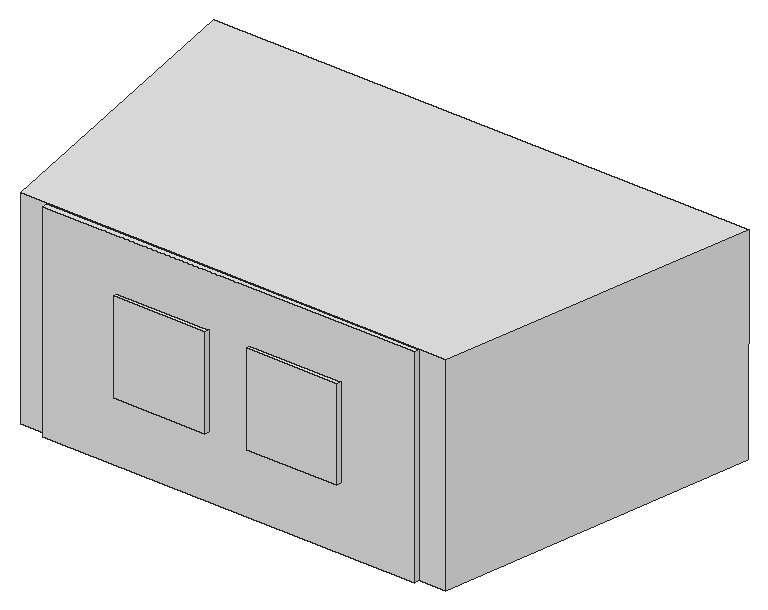
Revit family "Electrical-Teknion-NBAA_Banqs_Sofa_Undermounted_Power-R2019", category Furniture, Revit 2019
Family settings
  OmniClass Number = 23.40.20.00
  OmniClass Title = General Furniture and Specialties
  Work Plane-Based = No
  Always vertical = Yes
  Cut with Voids When Loaded = No
  Shared = Yes
  Room Calculation Point = No
Parameters (values of type "White Finishes")
  Warranty = "http://www.teknion.com/ca/papers/legal-canada"
  Unit Weight URL = "http://www.teknion.com/ca/tools/assets#&asset=bee6a381-b954-425e-8283-5a2de3a804f2,f828d448-4b62-4231-9e5f-9a8991c0ed77"
  URL = "www.teknion.com"
  To render please download texture images found here [instance] = "https://assets.teknion.com/web/5e81352c1dfdb467/revit-material-swatches/"
  Sustainability Data = "https://www.teknion.com/ca/tools/assets#&topic=216f99a5-57a0-44fc-b10a-9dee9b29ae4c&asset=444deb64-fe58-4b68-981e-f75e97781df7,b4ff2d81-9f2e-437d-9659-7cffb09c31cf"
  Series = "Soft Seating"  # constant formula
  Product Page URL = "https://www.teknion.com/ca/products/product-details?productlineid=2c7ddb6e-8e7a-673b-a6c8-ff05004460c4"
  Product Line = "Banqs"  # constant formula
  Product Documentation Link = "https://www.teknion.com/pricing/seating/pdfs/Banqs_ppg.pdf"
  Part Number = "NBAA"  # constant formula
  Model = "NBAAW"
  Manufacturer Phone = "416-661-3370"  # constant formula
  Manufacturer Fax = "416.661.4586"  # constant formula
  Manufacturer Contact Information = "http://www.teknion.com/ca/contactus"
  Manufacturer Address = "1150 Flint Road, Toronto, ON. M3J 2J5. Canada"  # constant formula
  Manufacturer = "Teknion"  # constant formula
  How To Use Teknion Materials User Guide [instance] = "https://assets.teknion.com/m/205dd0a49fa58060/original/How-to-add-a-Material-Library-and-Texture-Images-to-your-Revit-project.pdf"
  For Additional Finishes please visit [instance] = "https://assets.teknion.com/m/44a8009b046e5d47/original/Teknion_Materials_Library.zip"
  Electrical Finishes = Plastic - Teknion - White
  Description = "Sofa Undermounted Power, 1 Power, 1 USB-A and 1 USB-C White"
  Assembly Code = "E2020200"
Types (3): name | Model | Electrical Finishes | Description
  (no name) | "NBAAW" | Plastic - Teknion - White | "Sofa Undermounted Power, 1 Power, 1 USB-A and 1 USB-C White"
  White Finishes | "NBAAW" | Plastic - Teknion - White | "Sofa Undermounted Power, 1 Power, 1 USB-A and 1 USB-C White"
  Black Finishes | "NBAAB" | Plastic - Teknion - E - Ebony | "Sofa Undermounted Power, 1 Power, 1 USB-A and 1 USB-C Black"
Reference planes (in)
  plane 1 "Center Front/Back": y = 0
  plane 2: z = 0
  plane 3 "Center Left/Right": x = 0
  plane 4 "Left": x = -3.23927
  plane 5 "Right": x = 3.23927
  plane 6 "Back": y = 2.10086
  plane 7 "Front": y = -1.76214
  plane 8 "Top": z = 63
  plane 9: x = 0
  plane 10: x = -1.35
  plane 11: x = -0.25
  plane 12: x = 0.25
  plane 13: x = 1.35
  plane 14: y = -1.71214
  plane 15: y = -1.76214
  plane 16: y = -1.64914
  plane 17: y = -1.71214
  plane 18: x = 2.25
  plane 19: x = -2.25
Forms (in)
  Extrusion 1, solid, material "Plastic - Teknion - White" <- "Electrical Finishes"
    sketch origin (26.51093, 23.26551, 0) x (-1, 0, 0) y (0, -1, 0)
      loop
        line (29.08897, 24.91465) -> (23.93289, 24.91465) -> (23.27166, 21.16465) -> (29.7502, 21.16465) -> (29.08897, 24.91465)
    from 0 to 2.5
  Extrusion 2, solid, material "Plastic - Teknion - White" <- "Electrical Finishes"
    sketch origin (26.51093, 23.26551, 0) x (1, 0, 0) y (0, 1, 0)
      loop
        line (-24.26093, -24.91465) -> (-28.76093, -24.91465) -> (-28.76093, -24.97765) -> (-24.26093, -24.97765) -> (-24.26093, -24.91465)
    from 0 to 2.5
  Extrusion 3, solid, material "Plastic - Teknion - White" <- "Electrical Finishes"
    sketch origin (26.51093, 23.26551, 0) x (-1, 0, 0) y (0, -1, 0)
      loop
        line (25.16093, 25.02765) -> (25.16093, 24.97765) -> (26.26093, 24.97765) -> (26.26093, 25.02765) -> (25.16093, 25.02765)
      loop
        line (26.76093, 24.97765) -> (27.86093, 24.97765) -> (27.86093, 25.02765) -> (26.76093, 25.02765) -> (26.76093, 24.97765)
    from 0.7605 to 1.86261
Lines and regions (in)
  Masking region 1
    outline origin (0, 0, 0) x (1, 0, 0) y (0, 1, 0)
      loop
        line (3.23927, 2.10086) -> (-3.23927, 2.10086) -> (-2.57804, -1.64914) -> (-2.25, -1.64914) -> (-2.25, -1.71214) -> (-1.35, -1.71214) -> (-1.35, -1.76214) -> (-0.25, -1.76214) -> (-0.25, -1.71214) -> (0.25, -1.71214) -> (0.25, -1.76214) -> (1.35, -1.76214) -> (1.35, -1.71214) -> (2.25, -1.71214) -> (2.25, -1.64914) -> (2.57804, -1.64914) -> (3.23927, 2.10086)
  symbolic lines
    curve 1: line (2.25, -1.64914, 0) -> (-2.25, -1.64914, 0)
    curve 2: line (-2.25, -1.71214, 0) -> (2.25, -1.71214, 0)
Dimensions and locks (in)
  plane 4 "Left" to plane 5 "Right" = 6.47853"
  plane 6 "Back" to plane 7 "Front" = 3.863"
  plane 8 "Top" to level = 63.000"
  Extrusion 1 sketch curve to plane 9 to Extrusion 1 sketch curve = 3.23927" locked, 3.23927" locked
  Extrusion 1 sketch curve to plane 9 to Extrusion 1 sketch curve = 2.57804" locked, 2.57804" locked
  locked: Extrusion 1 sketch curve to Extrusion 1 sketch curve at 3.75
  plane 10 to plane 11 to plane 12 to plane 13 = 1.100" locked, 0.500" locked, 1.100" locked
  locked: plane 14 to plane 15 at 0.05
  locked: plane 19 to plane 18 at 4.5
  locked: plane 16 to plane 17 at 0.063
  aligned and locked: level to plane 2
Nested families (in)
  nested 1: "Teknion_2D_Node_Family-R2016" at (9.20915, -3.53503, 0), type "Teknion_2D_Node_Family-R2016"
  nested 2: "Teknion_2D_Node_Family-R2016" at (-9.09795, -3.53503, 0), type "Teknion_2D_Node_Family-R2016"
Definition of nested family "Teknion_2D_Node_Family-R2016"
  Reference planes (in)
    plane 1 "Center (Front/Back)": y = 0
    plane 2: z = 0
    plane 3 "Center (Left/Right)": x = 0
  Lines and regions (in)
    detail lines, in view "Ref. Level"
      curve 1: circle (0, 0, 0) r 1.25 normal (0, 0, 1)
      curve 2: line (1.91508, -1.91508, 0) -> (-1.91508, 1.91508, 0)
      curve 3: line (-1.91508, -1.91508, 0) -> (1.91508, 1.91508, 0)
